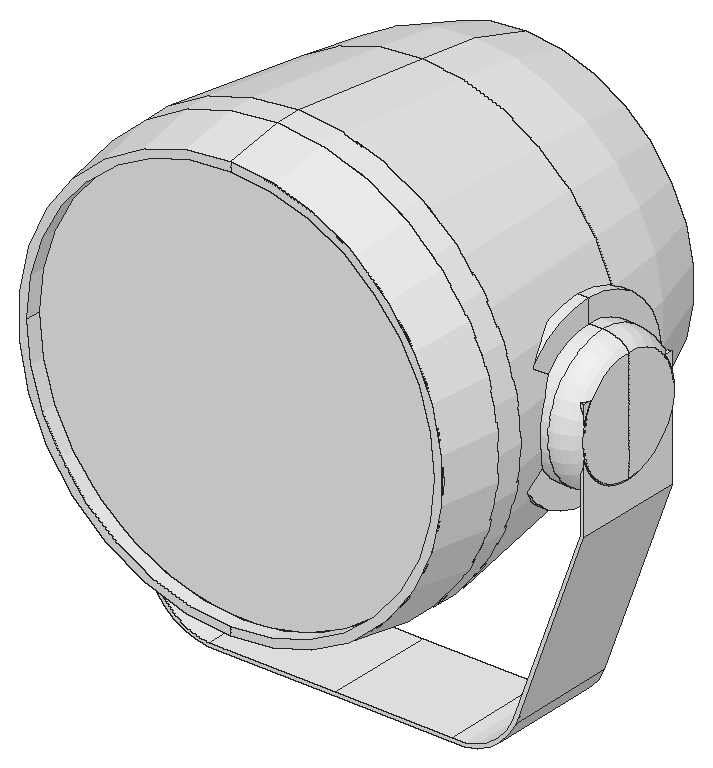
Revit family "Lighting-Accent-Acclaim-Dyna Drum EO SCS", category Lighting Fixtures, host Face, Revit 2015
Parameters
  Width = 8.80078"
  Wattage = 9.2903 W
  built-in parameter 1150110 = 1 (stored number, unit not read)
  Voltage = 0 V
  URL = "http://www.acclaimlighting.com/"
  built-in parameter 1114217 = 1 (stored number, unit not read)
  Tilt Angle = -90.00°
  built-in parameter 1150109 = 1 (stored number, unit not read)
  built-in parameter 1150134 = 3
  built-in parameter 1150113 = 1 (stored number, unit not read)
  Power Factor = 1
  Photometric Web File = "generic"
  Number of Poles = 1
  built-in parameter 1150142 = (empty or 0)
  Model = "Dyna Drum EO SCS"
  Manufacturer = "Acclaim Lighting"
  built-in parameter 1150105 = 109.82 (stored number, unit not read)
  Lumens = 1380 lm
  built-in parameter 1150115 = 1 (stored number, unit not read)
  built-in parameter 1150137 = (empty or 0)
  built-in parameter 1150139 = (empty or 0)
  Length = 6.48828"
  built-in parameter 1150112 = 1 (stored number, unit not read)
  built-in parameter 1150114 = 1 (stored number, unit not read)
  Lamp = "LED"
  built-in parameter 1150132 = (empty or 0)
  built-in parameter 1150102 = (empty or 0)
  built-in parameter 1150107 = 3200 (stored number, unit not read)
  built-in parameter 1150138 = (empty or 0)
  built-in parameter 1150106 = 1.0982 (stored number, unit not read)
  Housing Finish = Aluminum
  Height = 9.60"
  Emit from Circle Diameter = 7.00"
  Emit Shape Visible in Rendering = no
  built-in parameter 1150104 = 13.8 (stored number, unit not read)
  Dimming Lamp Color Temperature Shift = <None>
  Description = "Accent Fixture"
  Default Elevation = 48.00"
  Color Filter = 16777215
  built-in parameter 1114218 = 1 (stored number, unit not read)
  built-in parameter 1150133 = 10 (stored number, unit not read)
  Apparent Load = 0 VA
Reference planes (in)
  plane 1 "Center (Front/Back)": y = 0
  plane 2: z = 0
  plane 3 "Center (Left/Right)": x = 0
  plane 4: z = 9.6
  plane 5: z = 15.7
  plane 6: x = 0
  plane 7: z = 9.2
  plane 8: x = -4.40039
  plane 9: x = 4.40039
  plane 10: y = 3.24414
  plane 11: y = -3.24414
Forms (in)
  Revolve 1, solid, material "Aluminum" <- "Housing Finish"
    sketch origin (0, 0, -3.5) x (0, 1, 0) y (0, 0, 1)
      loop
        line (-3.25, 12.95) -> (-3.25, 9.2) -> (3.25, 9.2) -> (3.25, 12.17297)
        arc (3.25, 12.17297) -> (2.13766, 12.55268) -> (0.97615, 12.73258) r 6.71334
        line (0.97615, 12.73258) -> (-1.74708, 13.1153) -> (-2.2228, 13.1153) -> (-3.25, 12.95)
      axis (-3.25, 9.2) -> (3.25, 9.2)
    angle from 0 to 360
  Revolve 2, solid, material "Aluminum" <- "Housing Finish"
    sketch origin (0, 0, -3.5) x (1, 0, 0) y (0, 0, 1)
      loop
        line (4.41934, 9.06446) -> (4.41934, 10.06446)
        arc (4.41934, 10.06446) -> (4.21946, 10.22736) -> (3.96618, 10.27577) r 0.52626
        line (3.96618, 10.27577) -> (3.71618, 10.27577) -> (3.71618, 10.67747) -> (3.53341, 10.67747) -> (3.53341, 9.06446) -> (4.41934, 9.06446)
      axis (3.53341, 9.06446) -> (4.41934, 9.06446)
    angle from 0 to 360
  Revolve 3, solid, material "Aluminum" <- "Housing Finish"
    sketch origin (0, 0, -3.5) x (-1, 0, 0) y (0, 0, 1)
      loop
        line (4.41934, 9.06446) -> (4.41934, 10.06446)
        arc (4.41934, 10.06446) -> (4.21946, 10.22736) -> (3.96618, 10.27577) r 0.52626
        line (3.96618, 10.27577) -> (3.71618, 10.27577) -> (3.71618, 10.67747) -> (3.53341, 10.67747) -> (3.53341, 9.06446) -> (4.41934, 9.06446)
      axis (3.53341, 9.06446) -> (4.41934, 9.06446)
    angle from 0 to 360
  Extrusion 4, solid, material "Aluminum" <- "Housing Finish"
    sketch origin (0, 0, 0) x (1, 0, 0) y (0, 0, 1)
      loop
        line (-4.46618, 6.1548) -> (-4.46618, 4.0375) -> (-3.23446, 0.7436)
        arc (-3.23446, 0.7436) -> (-2.84461, 0.22275) -> (-2.23597, -0.00678) r 1.16031
        line (-2.23597, -0.00678) -> (0, -0.00678) -> (2.05858, -0.00678)
        arc (2.05858, -0.00678) -> (2.74595, 0.1562) -> (3.21141, 0.6876) r 1.16031
        line (3.21141, 0.6876) -> (4.40368, 4.0375) -> (4.40368, 6.1548) -> (4.34118, 6.1548) -> (4.34118, 4.05136) -> (3.15002, 0.70458)
        arc (3.15002, 0.70458) -> (2.70867, 0.20774) -> (2.06149, 0.05677) r 1.0973
        line (2.06149, 0.05677) -> (0, 0.05677) -> (-2.23352, 0.05677)
        arc (-2.23352, 0.05677) -> (-2.80782, 0.27431) -> (-3.17529, 0.76636) r 1.0973
        line (-3.17529, 0.76636) -> (-4.40368, 4.05136) -> (-4.40368, 6.1548) -> (-4.46618, 6.1548)
    from -0.97615 to 0.95624
  Extrusion 5, void
    sketch origin (0, 0, -3.5) x (1, 0, 0) y (0, 0, 1)
      loop
        circle (0, 9.2) r 3.60416
    from 2.98826 to 3.25
Cuts and joins
  Extrusion 5 cuts Revolve 1
Dimensions and locks (in)
  equal spacing: plane 9, plane 3 "Center (Left/Right)", plane 8
  "Width": plane 9 to plane 8
  "Height": plane 4 to host face
  equal spacing: plane 10, plane 1 "Center (Front/Back)", plane 11
  "Length": plane 10 to plane 11
  aligned and locked: plane 2 to host face
  aligned and locked: level to host face
Automatic sketch dimensions
  host sketch curve to host sketch curve = 96.00"  (x2)
  Revolve 1 sketch curve to plane 7 = 3.50"  (x2)
  plane 5 to Revolve 1 sketch curve = 6.25"
  plane 1 "Center (Front/Back)" to Revolve 1 sketch curve = 3.25"
  plane 5 to Revolve 1 sketch curve = 6.0847"
  Revolve 1 sketch curve to Revolve 1 sketch curve = 1.0272"
  Revolve 1 sketch curve to Revolve 1 sketch curve = 0.47571"
  Revolve 1 sketch curve to plane 1 "Center (Front/Back)" = 0.53335"
  plane 5 to Revolve 1 sketch curve = 6.46742"
  Revolve 1 sketch curve to plane 1 "Center (Front/Back)" = 0.97615"
  plane 5 to Revolve 1 sketch curve = 7.02703"
  Revolve 1 sketch curve to Revolve 1 sketch curve = 2.27385"
  Revolve 1 sketch curve to Revolve 1 sketch curve = 0.00"
  Revolve 1 sketch curve to Revolve 1 sketch curve = 5.25"
  Revolve 2 sketch curve to plane 7 = 3.63554"  (x2)
  Revolve 2 sketch curve to plane 9 = 0.86698"
  Revolve 2 sketch curve to Revolve 2 sketch curve = 0.18277"
  Revolve 2 sketch curve to Revolve 2 sketch curve = 0.25"
  Revolve 2 sketch curve to plane 9 = 0.40334"
  plane 9 to Revolve 2 sketch curve = 0.01895"
  Revolve 2 sketch curve to plane 7 = 2.94959"
  Revolve 2 sketch curve to Revolve 2 sketch curve = 0.31405"
  Revolve 2 sketch curve to Revolve 2 sketch curve = 0.40171"
  Revolve 2 sketch curve to Revolve 2 sketch curve = 0.00"
  Revolve 2 sketch curve to Revolve 2 sketch curve = 0.96247"
  plane 7 to Revolve 3 sketch curve = 3.63554"  (x2)
  Revolve 3 sketch curve to plane 8 = 0.86698"
  Revolve 3 sketch curve to Revolve 3 sketch curve = 0.18277"
  Revolve 3 sketch curve to Revolve 3 sketch curve = 0.25"
  Revolve 3 sketch curve to plane 8 = 0.40334"
  plane 8 to Revolve 3 sketch curve = 0.01895"
  plane 7 to Revolve 3 sketch curve = 2.94959"
  Revolve 3 sketch curve to Revolve 3 sketch curve = 0.31405"
  Revolve 3 sketch curve to Revolve 3 sketch curve = 0.40171"
  Revolve 3 sketch curve to Revolve 3 sketch curve = 0.00"
  Revolve 3 sketch curve to Revolve 3 sketch curve = 0.96247"
  Extrusion 5 sketch curve to plane 3 "Center (Left/Right)" = 0.00"
  Extrusion 5 sketch curve to plane 7 = 3.50"
  Extrusion 4 sketch curve to plane 3 "Center (Left/Right)" = 0.00"  (x2)
  Extrusion 4 sketch curve to plane 3 "Center (Left/Right)" = 2.14728"
  Extrusion 4 sketch curve to Extrusion 4 sketch curve = 0.00023"  (x2)
  level to Extrusion 4 sketch curve = 0.05677"
  Extrusion 4 sketch curve to Extrusion 4 sketch curve = 0.08624"
  Extrusion 4 sketch curve to level = 0.00678"
  Extrusion 4 sketch curve to Extrusion 4 sketch curve = 0.00245"
  level to Extrusion 4 sketch curve = 0.76636"
  Extrusion 4 sketch curve to Extrusion 4 sketch curve = 1.02779"
  Extrusion 4 sketch curve to plane 8 = 0.00329"
  Extrusion 4 sketch curve to Extrusion 4 sketch curve = 0.0625"
  plane 3 "Center (Left/Right)" to Extrusion 4 sketch curve = 2.05858"
  Extrusion 4 sketch curve to Extrusion 4 sketch curve = 0.00291"
  Extrusion 4 sketch curve to Extrusion 4 sketch curve = 0.08578"
  level to Extrusion 4 sketch curve = 0.70458"
  Extrusion 4 sketch curve to Extrusion 4 sketch curve = 1.00275"
  Extrusion 4 sketch curve to plane 9 = 0.05921"
  plane 9 to Extrusion 4 sketch curve = 0.00329"
  Extrusion 4 sketch curve to Extrusion 4 sketch curve = 0.00055"  (x2)
  Extrusion 4 sketch curve to Extrusion 4 sketch curve = 3.27114"
  Extrusion 4 sketch curve to Extrusion 4 sketch curve = 3.34678"
  Extrusion 4 sketch curve to Extrusion 4 sketch curve = 0.01386"  (x2)
  Extrusion 4 sketch curve to Extrusion 4 sketch curve = 2.10344"  (x2)
  Extrusion 4 sketch curve to Extrusion 4 sketch curve = 0.05917"
  Extrusion 4 sketch curve to Extrusion 4 sketch curve = 0.00037"
  Extrusion 4 sketch curve to Extrusion 4 sketch curve = 0.06139"
  Extrusion 4 sketch curve to Extrusion 4 sketch curve = 0.00014"
  radius of Extrusion 5 sketch curve = 3.60416"
Connectors (in)
  electrical at (0, 3.25, 5.7), driven by "Number of Poles", driven by "Voltage", driven by "Apparent Load", driven by "Power Factor"
    settings: on cut or joined group of Revolve 1, Extrusion 5, index 1, voltage 0 V, apparent load 0 VA, apparent load phase1 0 VA, apparent load phase2 0 VA, apparent load phase3 0 VA, power factor 1, load classification "Other", number of poles 1, system type 31, power factor state 1, is connector primary yes, connector utility no, sub classification motor no, connector description ""
